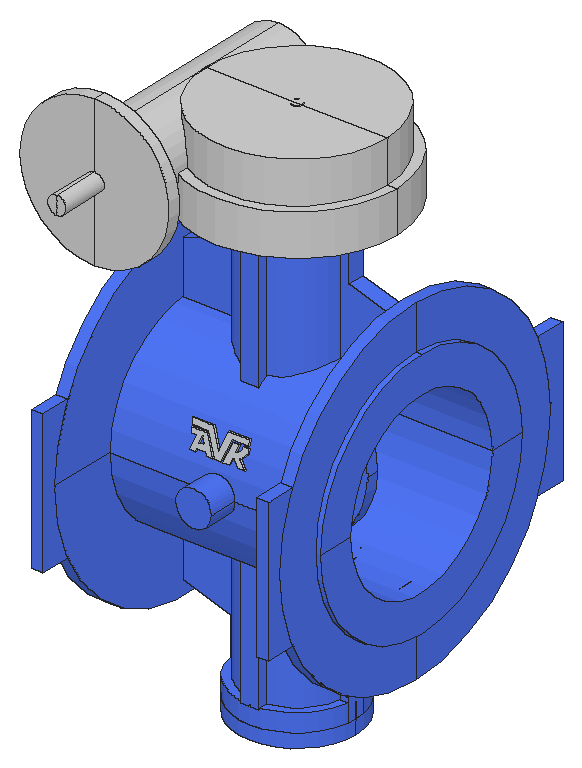
Revit family "756-102-152-DN150-600", category Pipe Accessories, Revit 2019
Family settings
  Round Connector Dimension = Use Diameter
  Part Type = Valve - Breaks Into
  Work Plane-Based = No
  Always vertical = Yes
  Cut with Voids When Loaded = No
  Shared = No
Parameters (values of type "DN150-PN10/16")
  offset = size_lookup(Search_table, "offset", 0.00 mm, DN)  # 3.00 mm
  GB_Width_3 = size_lookup(Search_table, "GB_Width", 0.00 mm, DN) / 2  # 85.00 mm
  Disc_Dia = size_lookup(Search_table, "Disc_Dia", 0.00 mm, DN)  # 133.00 mm
  Disc_width = if(DN > 599.00 mm, 40.00 mm, if(DN > 499.00 mm, 35.00 mm, if(DN > 399.00 mm, 30.00 mm, if(DN > 299.00 mm, 20.00 mm, if(DN > 199.00 mm, 15.00 mm, if(DN > 149.00 mm, 10.00 mm, 10.00 mm))))))  # 10.00 mm
  C_rod = if(DN > 599.00 mm, 39.00 mm, if(DN > 499.00 mm, 34.00 mm, if(DN > 399.00 mm, 29.00 mm, if(DN > 299.00 mm, 19.00 mm, if(DN > 199.00 mm, 14.00 mm, if(DN > 149.00 mm, 9.00 mm, 9.00 mm))))))  # 9.00 mm
  C = size_lookup(Search_table, "C", 0.00 mm, DN)  # 181.00 mm
  W5 = size_lookup(Search_table, "W5", 0.00 mm, DN)  # 158.00 mm
  W4 = size_lookup(Search_table, "W4", 0.00 mm, DN)  # 6.00 mm
  W3 = size_lookup(Search_table, "W3", 0.00 mm, DN)  # 6.00 mm
  W2 = size_lookup(Search_table, "W2", 0.00 mm, DN)  # 287.00 mm
  W1 = size_lookup(Search_table, "W1", 0.00 mm, DN)  # 155.00 mm
  URL_product_pages = "https://www.avkvalves.com/P.aspx?no=7560150114102"
  Rib_width_2 = Gear_box_Mount_Flange_width * 2  # 100.00 mm
  Rib_width = L - (Flange_Thickness * 2)  # 180.00 mm
  Rib_height_2 = H1 - Flange_OD  # 46.50 mm
  Rib_depth = if(DN > 149.00 mm, 15.00 mm, if(DN > 299.00 mm, 15.00 mm, if(DN > 399.00 mm, 20.00 mm, 20.00 mm)))  # 15.00 mm
  Rib_height = Flange_OD / 1.1  # 129.545 mm
  Rf_Dia = size_lookup(Search_table, "RF_Dia", 0.00 mm, DN) / 2  # 105.50 mm
  RF_Cut_Thickness = 5.00 mm  # constant formula
  Pin_width = L / 2  # 105.00 mm
  Pin_dia = 30.00 mm
  Pin_Depth = (DN + size_lookup(Search_table, "Flange_OD", 0.00 mm, DN)) / 2  # 217.50 mm
  L2 = size_lookup(Search_table, "L2", 0.00 mm, DN)  # 1.00 mm
  L1 = size_lookup(Search_table, "L1", 0.00 mm, DN)  # 1.00 mm
  L = size_lookup(Search_table, "L", 0.00 mm, DN)  # 210.00 mm
  ID (Radius) = DN / 2  # 75.00 mm
  H3 = size_lookup(Search_table, "H3", 0.00 mm, DN)  # 230.00 mm
  H2 = size_lookup(Search_table, "H2", 0.00 mm, DN)  # 201.00 mm
  H1 = B - GB_Dia  # 189.00 mm
  Gear_box_width = size_lookup(Search_table, "Gear_box_width", 0.00 mm, DN) / 2  # 33.50 mm
  Gear_box_depth = A - Body_wallthickness - 25.00 mm  # 83.00 mm
  GB_Width_2 = GB_Width_3 * 0.9  # 76.50 mm
  GB_Width = C - L / 2  # 76.00 mm
  GB_Flange = 5.00 mm  # constant formula
  GB_Dia = size_lookup(Search_table, "GB_Dia", 0.00 mm, DN) / 2  # 35.00 mm
  Flange_Thickness = size_lookup(Search_table, "Flange_Thickness", 0.00 mm, DN)  # 15.00 mm
  Flange_OD = size_lookup(Search_table, "Flange_OD", 0.00 mm, DN) / 2  # 142.50 mm
  Description_ = "AVK DOUBLE ECC. BUTTERFLY VALVE, LONG"
  DN = 150.00 mm
  Search_table = "756-102-152-DN150-600"
  Disc_2 = size_lookup(Search_table, "Disk_2", 0.00 mm, DN)  # 2.00 mm
  Disc_1 = size_lookup(Search_table, "Disk_1", 0.00 mm, DN)  # 2.00 mm
  DN600_PN16 = "756-0600-1-14102"
  DN600_PN10 = "756-0600-1-04102"
  DN500_PN16 = "756-0500-1-14102"
  DN500_PN10 = "756-0500-1-04102"
  DN450_PN16 = "756-0450-1-14102"
  DN450_PN10 = "756-0450-1-04102"
  DN400_PN16 = "756-0400-1-14102"
  DN400_PN10 = "756-0400-1-04102"
  DN350_PN16 = "756-0350-1-14102"
  DN350_PN10 = "756-0350-1-04102"
  DN300_PN16 = "756-0300-1-14102"
  DN300_PN10 = "756-0300-1-04102"
  DN250_PN16 = "756-0250-1-14102"
  DN250_PN10 = "756-0250-1-04102"
  DN200_PN16 = "756-0200-1-14102"
  DN200_PN10 = "756-0200-1-04102"
  DN150_PN10/16 = "756-0150-1-14102"
  D1 = size_lookup(Search_table, "D1", 0.00 mm, DN) / 2  # 7.50 mm
  Bottom_width = size_lookup(Search_table, "Bottom_width", 0.00 mm, DN)  # 120.00 mm
  Bottom_Depth = DN * 1.5  # 225.00 mm
  Gear_box_Mount_width = size_lookup(Search_table, "Gear_box_Mount_width", 0.00 mm, DN) * 2  # 43.00 mm
  Gear_box_Mount_Flange_width = size_lookup(Search_table, "Gear_box_Mount_Flange_width", 0.00 mm, DN) / 2  # 50.00 mm
  Body_wallthickness = 10.00 mm  # constant formula
  B = size_lookup(Search_table, "B", 0.00 mm, DN)  # 224.00 mm
  A = size_lookup(Search_table, "A", 0.00 mm, DN)  # 118.00 mm
Types (18, lengths in mm): name | offset | GB_Width_3 | Disc_Dia | Disc_width | C_rod | C | W5 | W4 | W3 | W2 | W1 | Rib_width_2 | Rib_width | Rib_height_2 | Rib_height | Rf_Dia | Pin_width | Pin_Depth | L2 | L1 | L | ID (Radius) | H3 | H2 | H1 | Gear_box_width | Gear_box_depth | GB_Width_2 | GB_Width | GB_Dia | Flange_Thickness | Flange_OD | DN | Disc_2 | Disc_1 | D1 | Bottom_width | Bottom_Depth | Gear_box_Mount_width | Gear_box_Mount_Flange_width | B | A
  (no name) | 3.00 | 85.00 | 133.00 | 10.00 | 9.00 | 181.00 | 158.00 | 6.00 | 6.00 | 287.00 | 155.00 | 100.00 | 180.00 | 46.50 | 129.545 | 105.50 | 105.00 | 217.50 | 1.00 | 1.00 | 210.00 | 75.00 | 230.00 | 201.00 | 189.00 | 33.50 | 83.00 | 76.50 | 76.00 | 35.00 | 15.00 | 142.50 | 150.00 | 2.00 | 2.00 | 7.50 | 120.00 | 225.00 | 43.00 | 50.00 | 224.00 | 118.00
  DN150-PN10/16 | 3.00 | 85.00 | 133.00 | 10.00 | 9.00 | 181.00 | 158.00 | 6.00 | 6.00 | 287.00 | 155.00 | 100.00 | 180.00 | 46.50 | 129.545 | 105.50 | 105.00 | 217.50 | 1.00 | 1.00 | 210.00 | 75.00 | 230.00 | 201.00 | 189.00 | 33.50 | 83.00 | 76.50 | 76.00 | 35.00 | 15.00 | 142.50 | 150.00 | 2.00 | 2.00 | 7.50 | 120.00 | 225.00 | 43.00 | 50.00 | 224.00 | 118.00
  DN200_PN10 | 5.00 | 85.00 | 180.00 | 15.00 | 14.00 | 191.00 | 158.00 | 6.00 | 6.00 | 308.00 | 182.00 | 100.00 | 200.00 | 40.00 | 154.545 | 133.00 | 115.00 | 270.05 | 1.00 | 1.00 | 230.00 | 100.05 | 240.00 | 227.00 | 210.00 | 19.50 | 83.00 | 76.50 | 76.00 | 35.00 | 15.00 | 170.00 | 200.10 | 2.00 | 2.00 | 7.50 | 140.00 | 300.15 | 43.00 | 50.00 | 245.00 | 118.00
  DN200_PN16 | 5.00 | 85.00 | 180.00 | 15.00 | 14.00 | 191.00 | 158.00 | 6.00 | 6.00 | 308.00 | 182.00 | 100.00 | 200.00 | 40.00 | 154.545 | 133.00 | 115.00 | 270.08 | 1.00 | 1.00 | 230.00 | 100.08 | 250.00 | 227.00 | 210.00 | 28.50 | 83.00 | 76.50 | 76.00 | 35.00 | 15.00 | 170.00 | 200.16 | 2.00 | 2.00 | 7.50 | 140.00 | 300.24 | 43.00 | 50.00 | 245.00 | 118.00
  DN250_PN10 | 5.00 | 85.00 | 227.00 | 15.00 | 14.00 | 201.00 | 158.00 | 6.00 | 6.00 | 342.00 | 215.00 | 90.00 | 220.00 | 41.50 | 184.091 | 159.50 | 125.00 | 327.55 | 1.00 | 1.00 | 250.00 | 125.05 | 260.00 | 261.00 | 244.00 | 19.50 | 83.00 | 76.50 | 76.00 | 35.00 | 15.00 | 202.50 | 250.10 | 2.00 | 2.00 | 7.50 | 170.00 | 375.15 | 37.00 | 45.00 | 279.00 | 118.00
  DN250_PN16 | 5.00 | 85.00 | 227.00 | 15.00 | 14.00 | 201.00 | 158.00 | 6.00 | 6.00 | 342.00 | 215.00 | 90.00 | 220.00 | 41.50 | 184.091 | 159.50 | 125.00 | 327.58 | 1.00 | 1.00 | 250.00 | 125.08 | 270.00 | 261.00 | 244.00 | 19.50 | 83.00 | 76.50 | 76.00 | 35.00 | 15.00 | 202.50 | 250.16 | 2.00 | 2.00 | 7.50 | 170.00 | 375.24 | 37.00 | 45.00 | 279.00 | 118.00
  DN300_PN10 | 6.00 | 85.00 | 282.17 | 20.00 | 19.00 | 211.00 | 182.00 | 104.00 | 6.00 | 373.00 | 242.00 | 110.00 | 230.00 | 44.00 | 209.091 | 185.00 | 135.00 | 380.05 | 12.00 | 1.00 | 270.00 | 150.05 | 280.00 | 292.00 | 274.00 | 27.50 | 83.00 | 76.50 | 76.00 | 35.00 | 20.00 | 230.00 | 300.10 | 20.00 | 3.00 | 7.50 | 210.00 | 450.15 | 45.00 | 55.00 | 309.00 | 118.00
  DN300_PN16 | 6.00 | 115.00 | 282.17 | 20.00 | 19.00 | 237.00 | 182.00 | 104.00 | 6.00 | 373.00 | 242.00 | 110.00 | 230.00 | 49.00 | 209.091 | 185.00 | 135.00 | 380.08 | 12.00 | 1.00 | 270.00 | 150.08 | 290.00 | 292.00 | 279.00 | 32.50 | 107.00 | 103.50 | 102.00 | 35.00 | 20.00 | 230.00 | 300.16 | 20.00 | 3.00 | 8.50 | 210.00 | 450.24 | 45.00 | 55.00 | 314.00 | 142.00
  DN350_PN10 | 3.00 | 85.00 | 334.00 | 20.00 | 19.00 | 221.00 | 158.00 | 173.00 | 151.00 | 398.00 | 272.00 | 120.00 | 250.00 | 40.00 | 236.364 | 214.50 | 145.00 | 435.05 | 26.00 | 20.00 | 290.00 | 175.05 | 300.00 | 318.00 | 300.00 | 27.00 | 83.00 | 76.50 | 76.00 | 35.00 | 20.00 | 260.00 | 350.10 | 20.00 | 20.00 | 7.50 | 210.00 | 525.15 | 50.00 | 60.00 | 335.00 | 118.00
  DN350_PN16 | 3.00 | 85.00 | 334.00 | 20.00 | 19.00 | 247.00 | 182.00 | 173.00 | 151.00 | 398.00 | 272.00 | 120.00 | 250.00 | 45.00 | 236.364 | 214.50 | 145.00 | 435.08 | 26.00 | 20.00 | 290.00 | 175.08 | 310.00 | 318.00 | 305.00 | 32.00 | 107.00 | 76.50 | 102.00 | 35.00 | 20.00 | 260.00 | 350.16 | 20.00 | 20.00 | 8.50 | 210.00 | 525.24 | 50.00 | 60.00 | 340.00 | 142.00
  DN400_PN10 | 3.00 | 85.00 | 383.00 | 30.00 | 29.00 | 257.00 | 182.00 | 232.00 | 215.00 | 434.00 | 302.00 | 110.00 | 270.00 | 43.50 | 263.636 | 240.00 | 155.00 | 490.05 | 41.00 | 35.00 | 310.00 | 200.05 | 320.00 | 349.00 | 333.50 | 32.00 | 107.00 | 76.50 | 102.00 | 37.50 | 20.00 | 290.00 | 400.10 | 20.00 | 20.00 | 8.50 | 260.00 | 600.15 | 45.00 | 55.00 | 371.00 | 142.00
  DN400_PN16 | 3.00 | 85.00 | 383.00 | 30.00 | 29.00 | 257.00 | 182.00 | 232.00 | 215.00 | 434.00 | 302.00 | 110.00 | 270.00 | 43.50 | 263.636 | 240.00 | 155.00 | 490.08 | 41.00 | 35.00 | 310.00 | 200.08 | 330.00 | 349.00 | 333.50 | 32.00 | 107.00 | 76.50 | 102.00 | 37.50 | 20.00 | 290.00 | 400.16 | 20.00 | 20.00 | 8.50 | 260.00 | 600.24 | 45.00 | 55.00 | 371.00 | 142.00
  DN450_PN10 | 3.00 | 109.00 | 430.00 | 30.00 | 29.00 | 267.00 | 182.00 | 284.00 | 267.00 | 471.00 | 332.00 | 135.00 | 270.00 | 50.50 | 290.909 | 265.00 | 165.00 | 545.05 | 55.00 | 48.00 | 330.00 | 225.05 | 340.00 | 390.00 | 370.50 | 28.00 | 107.00 | 98.10 | 102.00 | 37.50 | 30.00 | 320.00 | 450.10 | 20.00 | 20.00 | 8.50 | 280.00 | 675.15 | 58.00 | 67.50 | 408.00 | 142.00
  DN450_PN16 | 3.00 | 109.00 | 430.00 | 30.00 | 29.00 | 301.00 | 236.00 | 284.00 | 267.00 | 471.00 | 332.00 | 135.00 | 270.00 | 65.50 | 290.909 | 265.00 | 165.00 | 545.08 | 55.00 | 48.00 | 330.00 | 225.08 | 350.00 | 390.00 | 385.50 | 43.00 | 151.00 | 98.10 | 136.00 | 37.50 | 30.00 | 320.00 | 450.16 | 20.00 | 20.00 | 12.50 | 280.00 | 675.24 | 58.00 | 67.50 | 423.00 | 186.00
  DN500_PN10 | 3.00 | 109.00 | 480.61 | 35.00 | 34.00 | 277.00 | 182.00 | 335.00 | 322.00 | 499.00 | 338.00 | 135.00 | 290.00 | 62.00 | 304.545 | 291.00 | 175.00 | 585.05 | 69.00 | 63.00 | 350.00 | 250.05 | 360.00 | 418.00 | 397.00 | 19.00 | 107.00 | 98.10 | 102.00 | 39.00 | 30.00 | 335.00 | 500.10 | 20.00 | 20.00 | 8.50 | 320.00 | 750.15 | 58.00 | 67.50 | 436.00 | 142.00
  DN500_PN16 | 3.00 | 109.00 | 480.61 | 35.00 | 34.00 | 311.00 | 236.00 | 335.00 | 322.00 | 550.00 | 370.00 | 135.00 | 290.00 | 86.00 | 304.545 | 291.00 | 175.00 | 585.08 | 69.00 | 63.00 | 350.00 | 250.08 | 370.00 | 427.00 | 421.00 | 43.00 | 151.00 | 98.10 | 136.00 | 39.00 | 30.00 | 335.00 | 500.16 | 20.00 | 20.00 | 12.50 | 320.00 | 750.24 | 58.00 | 67.50 | 460.00 | 186.00
  DN600_PN10 | 3.00 | 120.00 | 582.00 | 40.00 | 39.00 | 331.00 | 236.00 | 437.00 | 426.00 | 600.00 | 393.00 | 155.00 | 330.00 | 81.00 | 354.545 | 341.00 | 195.00 | 690.05 | 100.00 | 94.00 | 390.00 | 300.05 | 380.00 | 481.00 | 471.00 | 28.00 | 151.00 | 108.00 | 136.00 | 39.00 | 30.00 | 390.00 | 600.10 | 20.00 | 20.00 | 12.50 | 400.00 | 900.15 | 62.50 | 77.50 | 510.00 | 186.00
  DN600_PN16 | 3.00 | 120.00 | 582.00 | 40.00 | 39.00 | 267.00 | 364.00 | 437.00 | 426.00 | 627.00 | 435.00 | 155.00 | 330.00 | 103.00 | 354.545 | 341.00 | 195.00 | 690.08 | 100.00 | 94.00 | 390.00 | 300.08 | 390.00 | 503.00 | 493.00 | 39.00 | 278.00 | 108.00 | 72.00 | 39.00 | 30.00 | 390.00 | 600.16 | 20.00 | 20.00 | 10.00 | 400.00 | 900.24 | 62.50 | 77.50 | 532.00 | 313.00
Reference planes
  plane 1 "Center (Front/Back)": y = 0
  plane 2: z = 0
  plane 3 "Center (Left/Right)": x = 0
  plane 4: y = 75
  plane 5: y = 85
  plane 6: x = 105
  plane 7: x = 90
  plane 8: x = -90
  plane 9: x = -105
  plane 10: z = 189
  plane 11: x = 50
  plane 12: z = 174
  plane 13: z = -189
  plane 14: x = 50
  plane 15: z = -174
  plane 16: x = 43
  plane 17: x = 50
  plane 18: x = -50
  plane 19: z = 189
  plane 20: z = 142.5
  plane 21: z = 75
  plane 22: x = 90
  plane 23: x = -90
  plane 24: z = 129.545
  plane 25: y = 7.5
  plane 26: y = -7.5
  plane 27: x = 50
  plane 28: x = -50
  plane 29: z = -189
  plane 30: z = -142.5
  plane 31: z = -75
  plane 32: x = 90
  plane 33: x = -90
  plane 34: z = -129.545
  plane 35: y = 50
  plane 36: y = -50
  plane 37: x = -7.5
  plane 38: x = 7.5
  plane 39: z = 60
  plane 40: z = -60
  plane 41: y = -155
  plane 42: y = 155
  plane 43: y = -158
  plane 44: z = -201
  plane 45: x = 43
  plane 46: y = 75
  plane 47: y = -75
  plane 48: y = 108.75
  plane 49: y = -108.75
  plane 50: z = 287
  plane 51: z = 224
  plane 52: y = -118
  plane 53: x = -76
  plane 54: z = 259
  plane 55: x = -71
  plane 56: x = -81
  plane 57: z = 229
  plane 58: z = 219
  plane 59: x = -41
  plane 60: x = -111
  plane 61: z = 189
  plane 62: y = -17.5
  plane 63: y = 17.5
  plane 64: z = 3
  plane 65: z = 3
  plane 66: z = -3
  plane 67: z = -3
  plane 68: x = -5
  plane 69: x = 5
  plane 70: y = 5
  plane 71: y = -5
Forms (mm)
  Revolve 1, solid, material "Plastic"
    sketch origin (0, 0, 0) x (1, 0, 0) y (0, 1, 0)
      loop
        line (-90, 85) -> (-90, 142.5) -> (-105, 142.5) -> (-105, 75) -> (105, 75) -> (105, 142.5) -> (90, 142.5) -> (90, 85) -> (-90, 85)
      axis (-105, 0) -> (105, 0)
    angle from 0 to 360
  Revolve 2, solid, material "Plastic"
    sketch origin (0, 0, 0) x (1, 0, 0) y (0, 0, 1)
      loop
        line (43, 174) -> (50, 174) -> (50, 189) -> (0, 189) -> (0, 75) -> (43, 75) -> (43, 174)
      axis (0, 189) -> (0, 75)
    angle from 0 to 360
  Revolve 3, solid, material "Plastic"
    sketch origin (0, 0, 0) x (1, 0, 0) y (0, 0, -1)
      loop
        line (43, 75) -> (43, 174) -> (50, 174) -> (50, 189) -> (0, 189) -> (0, 75) -> (43, 75)
      axis (0, 189) -> (0, 75)
    angle from 0 to 360
  Revolve 4, solid, material "Plastic"
    sketch origin (0, 0, 0) x (1, 0, 0) y (0, 0, 1)
      loop
        line (0, -189) -> (0, -201) -> (50, -201) -> (50, -189) -> (0, -189)
      axis (0, -201) -> (0, -189)
    angle from 0 to 360
  Extrusion 5, solid, material "Plastic"
    sketch origin (0, 0, 0) x (1, 0, 0) y (0, 0, 1)
      loop
        line (50, 189) -> (-50, 189) -> (-50, 142.5) -> (-90, 129.545) -> (-90, 75) -> (90, 75) -> (90, 129.545) -> (50, 142.5) -> (50, 189)
    from -7.5 to 7.5
  Extrusion 6, solid, material "Plastic"
    sketch origin (0, 0, 0) x (1, 0, 0) y (0, 0, 1)
      loop
        line (50, -189) -> (50, -142.5) -> (90, -129.545) -> (90, -75) -> (-90, -75) -> (-90, -129.545) -> (-50, -142.5) -> (-50, -189) -> (50, -189)
    from -7.5 to 7.5
  Extrusion 7, solid, material "Plastic"
    sketch origin (0, 0, 0) x (0, 1, 0) y (0, 0, 1)
      loop
        line (50, 174) -> (-50, 174) -> (-50, -175.5) -> (50, -175.5) -> (50, 174)
    from -7.5 to 7.5
  Extrusion 8, solid, material "Plastic"
    sketch origin (0, 0, 0) x (0, 1, 0) y (0, 0, 1)
      loop
        line (155, -60) -> (155, 60) -> (129.253, 60)
        arc (129.253, 60) -> (139.149, 30.723) -> (142.5, 0) r 142.5
        arc (142.5, 0) -> (139.149, -30.723) -> (129.253, -60) r 142.5
        line (129.253, -60) -> (155, -60)
      loop
        line (-155, 60) -> (-155, -60) -> (-129.253, -60)
        arc (-129.253, -60) -> (-139.149, -30.723) -> (-142.5, 0) r 142.5
        arc (-142.5, 0) -> (-139.149, 30.723) -> (-129.253, 60) r 142.5
        line (-129.253, 60) -> (-155, 60)
    from 90 to 105
  Extrusion 9, void
    sketch origin (0, 0, 0) x (0, 1, 0) y (0, 0, 1)
      loop
        circle (0, 0) r 75
    from -105 to 105
  Extrusion 10, solid, material "Plastic"
    sketch origin (0, 0, 0) x (0, 1, 0) y (0, 0, -1)
      loop
        line (-155, -60) -> (-129.253, -60)
        arc (-129.253, -60) -> (-139.149, -30.723) -> (-142.5, 0) r 142.5
        arc (-142.5, 0) -> (-139.149, 30.723) -> (-129.253, 60) r 142.5
        line (-129.253, 60) -> (-155, 60) -> (-155, -60)
      loop
        line (155, 60) -> (129.253, 60)
        arc (129.253, 60) -> (139.149, 30.723) -> (142.5, 0) r 142.5
        arc (142.5, 0) -> (139.149, -30.723) -> (129.253, -60) r 142.5
        line (129.253, -60) -> (155, -60) -> (155, 60)
    from 90 to 105
  Extrusion 11, solid, material "Plastic"
    sketch origin (0, 0, 0) x (1, 0, 0) y (0, 0, 1)
      loop
        circle (0, 0) r 15
    from -108.75 to -75
  Extrusion 12, solid, material "Plastic"
    sketch origin (0, 0, 0) x (1, 0, 0) y (0, 0, 1)
      loop
        circle (0, 0) r 15
    from 108.75 to 75
  Revolve 13, void
    sketch origin (0, 0, 0) x (1, 0, 0) y (0, 0, 1)
      loop
        line (105, 201) -> (100, 201) -> (100, 105.5) -> (105, 105.5) -> (105, 201)
      loop
        line (-105, 201) -> (-105, 105.5) -> (-100, 105.5) -> (-100, 201) -> (-105, 201)
      axis (-105, 0) -> (105, 0)
    angle from 0 to 360
  Extrusion 14, solid, material "Stainless Steel AISI 304"
    sketch origin (0, 0, 0) x (1, 0, 0) y (0, 0, 1)
      loop
        line (-81, 259) -> (-81, 229) -> (-111, 229) -> (-111, 219) -> (-81, 219) -> (-81, 189) -> (-71, 189) -> (-71, 219) -> (-41, 219) -> (-41, 229) -> (-71, 229) -> (-71, 259) -> (-81, 259)
    from 83 to 108
  Revolve 15, solid, material "Stainless Steel AISI 304"
    sketch origin (0, 0, 0) x (1, 0, 0) y (0, 0, 1)
      loop
        line (0, 189) -> (85, 189) -> (85, 224) -> (0, 224) -> (0, 189)
      axis (0, 189) -> (0, 224)
    angle from 0 to 360
  Revolve 16, solid, material "Stainless Steel AISI 304"
    sketch origin (0, 0, 0) x (1, 0, 0) y (0, 0, 1)
      loop
        line (0, 224) -> (76.5, 224) -> (76.5, 259) -> (0, 259) -> (0, 224)
      axis (0, 224) -> (0, 259)
    angle from 0 to 360
  Revolve 17, solid, material "Stainless Steel AISI 304"
    sketch origin (-76, -1524, 167.638) x (0, 0, -1) y (0, -1, 0)
      loop
        line (-119.362, -1416) -> (-56.362, -1416) -> (-56.362, -1406) -> (-119.362, -1406) -> (-119.362, -1416)
      axis (-56.362, -1416) -> (-56.362, -1406)
    angle from 0 to 360
  Revolve 18, solid, material "Stainless Steel AISI 304"
    sketch origin (-76, -1524, 167.638) x (0, 0, -1) y (0, -1, 0)
      loop
        line (-56.362, -1600) -> (-21.362, -1600) -> (-21.362, -1441) -> (-56.362, -1441) -> (-56.362, -1600)
      axis (-56.362, -1600) -> (-56.362, -1441)
    angle from 0 to 360
  Extrusion 19, solid, material "Plastic"
    sketch origin (0, 0, 0) x (1, 0, 0) y (0, 0, 1)
      loop
        circle (-3, 0) r 66.5
    from -5 to 5
  Extrusion 20, solid
    sketch origin (0, 0, 0) x (1, 0, 0) y (0, 1, 0)
      loop
        circle (0, 0) r 4.5
    from -201 to 259
  Revolve 21, solid, material "Stainless Steel AISI 304"
    sketch origin (-76, -1524, 167.638) x (0, 0, -1) y (0, -1, 0)
      loop
        line (-56.362, -1406) -> (-56.362, -1366) -> (-63.862, -1366) -> (-63.862, -1406) -> (-56.362, -1406)
      axis (-56.362, -1406) -> (-56.362, -1366)
    angle from 0 to 360
Cuts and joins
  Extrusion 9, Revolve 13 cuts Revolve 1
  Extrusion 9 cuts Extrusion 7
  Extrusion 9, Revolve 13 cuts Extrusion 8
  Revolve 13 cuts Extrusion 10
Dimensions and locks
  equal spacing: plane 9, plane 3 "Center (Left/Right)", plane 6
  "L": plane 9 to plane 6
  "ID (Radius)": plane 4 to plane 1 "Center (Front/Back)"
  "Body_wallthickness": plane 5 to plane 4
  "Flange_Thickness": plane 7 to plane 6
  "Flange_Thickness": plane 9 to plane 8
  "Flange_OD": plane 1 "Center (Front/Back)" to Revolve 1 sketch curve
  "Flange_Thickness": plane 10 to plane 12
  "ID (Radius)": Revolve 2 sketch curve to level
  "Gear_box_Mount_Flange_width": plane 3 "Center (Left/Right)" to plane 11
  "Flange_Thickness": plane 13 to plane 15
  "H1": level to plane 13
  "ID (Radius)": level to Revolve 3 sketch curve
  "Gear_box_Mount_Flange_width": Revolve 4 sketch curve to Revolve 4 sketch curve
  "ID (Radius)": plane 21 to level
  "H1": plane 19 to level
  "Gear_box_Mount_Flange_width": plane 3 "Center (Left/Right)" to plane 17
  "Gear_box_Mount_Flange_width": plane 18 to plane 3 "Center (Left/Right)"
  "Rib_height": plane 24 to level
  equal spacing: plane 25, plane 1 "Center (Front/Back)", plane 26
  "Rib_depth": plane 25 to plane 26
  equal spacing: plane 22, plane 3 "Center (Left/Right)", plane 23
  "Rib_width": plane 22 to plane 23
  "Rib_height_2": plane 19 to plane 20
  "Rib_height_2": plane 29 to plane 30
  "Rib_height": level to plane 34
  "Gear_box_Mount_Flange_width": plane 28 to plane 3 "Center (Left/Right)"
  "Gear_box_Mount_Flange_width": plane 3 "Center (Left/Right)" to plane 27
  "ID (Radius)": level to plane 31
  "H1": level to plane 29
  equal spacing: plane 32, plane 3 "Center (Left/Right)", plane 33
  "Rib_width": plane 32 to plane 33
  equal spacing: plane 35, plane 1 "Center (Front/Back)", plane 36
  equal spacing: plane 37, plane 3 "Center (Left/Right)", plane 38
  "Rib_depth": plane 37 to plane 38
  equal spacing: plane 42, plane 1 "Center (Front/Back)", plane 41
  "W1": plane 1 "Center (Front/Back)" to plane 41
  "W1": plane 42 to plane 1 "Center (Front/Back)"
  "Bottom_width": plane 39 to plane 40
  equal spacing: plane 39, level, plane 40
  "Rib_width_2": plane 35 to plane 36
  "W5": plane 1 "Center (Front/Back)" to plane 43
  "H2": level to Revolve 4 sketch curve
  "H2": level to plane 44
  "W1": plane 1 "Center (Front/Back)" to Extrusion 10
  "Gear_box_Mount_width": plane 45 to plane 3 "Center (Left/Right)"
  "Gear_box_Mount_width": plane 3 "Center (Left/Right)" to plane 16
  "Gear_box_Mount_Flange_width": plane 3 "Center (Left/Right)" to plane 14
  "Pin_width": cut or joined group of Extrusion 8, Extrusion 9, Revolve 13 to Extrusion 11 sketch curve
  "H2": Extrusion 11 sketch curve to Revolve 4
  equal spacing: plane 46, plane 1 "Center (Front/Back)", plane 47
  "DN": plane 46 to plane 47
  equal spacing: plane 48, plane 1 "Center (Front/Back)", plane 49
  "Pin_Depth": plane 48 to plane 49
  "Rf_Dia": Revolve 13 sketch curve to level
  "RF_Cut_Thickness": Revolve 13 sketch curve to Revolve 13 sketch curve  (x2)
  "H2": Revolve 13 sketch curve to level
  "W2": plane 50 to level
  "H1": plane 10 to level
  "B": plane 51 to level
  "A": plane 1 "Center (Front/Back)" to plane 52
  "GB_Width_3": Revolve 15 sketch curve to Revolve 15 sketch curve
  "GB_Width_2": Revolve 16 sketch curve to plane 3 "Center (Left/Right)"
  equal spacing: Revolve 16 sketch curve, plane 51, Revolve 15
  "GB_Width": plane 3 "Center (Left/Right)" to plane 53
  "Body_wallthickness": Revolve 17 sketch curve to Revolve 17 sketch curve
  equal spacing: plane 55, plane 53, plane 56
  equal spacing: plane 59, plane 53, plane 60
  equal spacing: plane 57, plane 51, plane 58
  "Body_wallthickness": plane 57 to plane 58
  equal spacing: plane 54, plane 51, plane 61
  "Body_wallthickness": plane 55 to plane 56
  "GB_Dia": plane 53 to plane 60
  "GB_Dia": plane 54 to plane 51
  "Gear_box_depth": plane 1 "Center (Front/Back)" to Revolve 18 sketch curve
  "GB_Width": Revolve 18 sketch curve to plane 1 "Center (Front/Back)"
  cut or joined group of Revolve 1, Extrusion 9, Revolve 13 to cut or joined group of Revolve 1, Extrusion 9, Revolve 13 = 210.00 mm
  "C": plane 53 to cut or joined group of Revolve 1, Extrusion 9, Revolve 13
  "offset": nested 1 to Extrusion 19 sketch curve
  cut or joined group of Revolve 1, Extrusion 9, Revolve 13 to Extrusion 19 = 35.50 mm
  Extrusion 19 to cut or joined group of Revolve 1, Extrusion 9, Revolve 13 = 41.50 mm
  equal spacing: cut or joined group of Revolve 1, Extrusion 9, Revolve 13, Extrusion 20 sketch curve, cut or joined group of Revolve 1, Extrusion 9, Revolve 13
  equal spacing: plane 47, Extrusion 20 sketch curve, plane 46
  "W4": plane 64 to plane 66
  "W3": plane 65 to plane 67
  equal spacing: plane 69, plane 3 "Center (Left/Right)", plane 68
  "Disc_width": plane 69 to plane 68
  equal spacing: plane 70, plane 1 "Center (Front/Back)", plane 71
  "Disc_width": plane 70 to plane 71
  "D1": Revolve 21 sketch curve to plane 51
  plane 1 "Center (Front/Back)" to cut or joined group of Extrusion 10, Revolve 13 = 155.00 mm
  equal spacing: plane 64, level, plane 66
  equal spacing: plane 65, level, plane 67
  "Pin_dia": diameter of Extrusion 11 sketch curve
  "Disc_Dia": diameter of Extrusion 19 sketch curve
  "C_rod": diameter of Extrusion 20 sketch curve
  aligned and locked: level to plane 2
  aligned and locked: plane 4 to Revolve 1 sketch curve
  aligned and locked: plane 5 to Revolve 1 sketch curve
  aligned and locked: Revolve 1 sketch curve to plane 6
  aligned and locked: plane 7 to Revolve 1 sketch curve
  aligned and locked: Revolve 1 sketch curve to plane 8
  aligned and locked: plane 9 to Revolve 1 sketch curve
  aligned and locked: Revolve 1 sketch curve to Revolve 1 sketch curve
  aligned and locked: plane 1 "Center (Front/Back)" to Revolve 1 sketch curve
  aligned and locked: Revolve 2 sketch curve to Revolve 2 sketch curve
  aligned and locked: plane 10 to Revolve 2 sketch curve
  aligned and locked: plane 11 to Revolve 2 sketch curve  (x2)
  aligned and locked: plane 12 to Revolve 2 sketch curve
  aligned and locked: Revolve 2 sketch curve to plane 3 "Center (Left/Right)"
  aligned and locked: Revolve 3 sketch curve to plane 14
  aligned and locked: plane 13 to Revolve 3 sketch curve
  aligned and locked: Revolve 4 sketch curve to Revolve 3
  aligned and locked: plane 3 "Center (Left/Right)" to Revolve 4 sketch curve  (x2)
  aligned and locked: plane 17 to Extrusion 5 sketch curve  (x2)
  aligned and locked: plane 19 to Extrusion 5 sketch curve  (x2)
  aligned and locked: plane 18 to Extrusion 5 sketch curve  (x2)
  aligned and locked: plane 20 to Extrusion 5 sketch curve  (x2)
  aligned and locked: plane 24 to Extrusion 5 sketch curve  (x2)
  aligned and locked: plane 22 to Extrusion 5 sketch curve
  aligned and locked: plane 23 to Extrusion 5 sketch curve
  aligned and locked: Extrusion 5 sketch curve to plane 23
  aligned and locked: plane 21 to Extrusion 5 sketch curve
  aligned and locked: Extrusion 5 sketch curve to plane 22
  aligned and locked: plane 25 to Extrusion 5
  aligned and locked: Extrusion 5 to plane 26
  aligned and locked: Extrusion 6 sketch curve to plane 27
  aligned and locked: plane 27 to Extrusion 6 sketch curve
  aligned and locked: Extrusion 6 sketch curve to plane 32  (x2)
  aligned and locked: Extrusion 6 sketch curve to plane 33  (x2)
  aligned and locked: Extrusion 6 sketch curve to plane 31
  aligned and locked: plane 31 to Extrusion 6 sketch curve
  aligned and locked: plane 34 to Extrusion 6 sketch curve  (x2)
  aligned and locked: Extrusion 6 sketch curve to plane 28
  aligned and locked: plane 30 to Extrusion 6 sketch curve  (x2)
  aligned and locked: plane 29 to Extrusion 6 sketch curve  (x2)
  aligned and locked: plane 28 to Extrusion 6 sketch curve
  aligned and locked: plane 35 to Extrusion 7 sketch curve
  aligned and locked: plane 36 to Extrusion 7 sketch curve
  aligned and locked: Extrusion 7 sketch curve to Revolve 2
  aligned and locked: plane 39 to Extrusion 8 sketch curve  (x4)
  aligned and locked: Extrusion 8 to Revolve 1  (x2)
  aligned and locked: Extrusion 9 sketch curve to Revolve 1  (x2)
  aligned and locked: plane 41 to Extrusion 8 sketch curve  (x2)
  aligned and locked: plane 40 to Extrusion 8 sketch curve  (x2)
  aligned and locked: plane 42 to Extrusion 8 sketch curve  (x2)
  aligned and locked: Extrusion 8 sketch curve to cut or joined group of Revolve 1, Extrusion 9, Revolve 13  (x4)
  aligned and locked: Extrusion 10 sketch curve to cut or joined group of Extrusion 8, Extrusion 9, Revolve 13  (x6)
  aligned and locked: Extrusion 10 sketch curve to cut or joined group of Revolve 1, Extrusion 9, Revolve 13  (x3)
  aligned and locked: Extrusion 10 to Extrusion 5
  aligned and locked: Extrusion 10 to cut or joined group of Revolve 1, Extrusion 9, Revolve 13
  aligned and locked: plane 3 "Center (Left/Right)" to nested 1
  aligned and locked: plane 45 to Revolve 2 sketch curve  (x2)
  aligned and locked: plane 16 to Revolve 3 sketch curve
  aligned and locked: plane 15 to Revolve 3 sketch curve  (x2)
  aligned and locked: Revolve 3 sketch curve to plane 3 "Center (Left/Right)"
  aligned and locked: plane 3 "Center (Left/Right)" to Revolve 3 sketch curve
  aligned and locked: Revolve 3 sketch curve to Revolve 3 sketch curve
  aligned and locked: plane 14 to Revolve 3 sketch curve
  aligned and locked: Extrusion 11 to plane 46
  aligned and locked: Extrusion 12 sketch curve to Extrusion 11  (x2)
  aligned and locked: plane 47 to Extrusion 12
  aligned and locked: Extrusion 11 to plane 48
  aligned and locked: plane 49 to Extrusion 12
  aligned and locked: Revolve 13 sketch curve to cut or joined group of Revolve 1, Extrusion 9, Revolve 13  (x2)
  aligned and locked: Revolve 13 sketch curve to Revolve 13 sketch curve  (x2)
  aligned and locked: Revolve 13 sketch curve to plane 2
  aligned and locked: Extrusion 9 to Revolve 1  (x2)
  aligned and locked: plane 51 to Revolve 15 sketch curve
  aligned and locked: plane 3 "Center (Left/Right)" to Revolve 15 sketch curve
  aligned and locked: Revolve 16 sketch curve to plane 3 "Center (Left/Right)"
  aligned and locked: Revolve 16 sketch curve to Revolve 15
  aligned and locked: Revolve 16 sketch curve to Revolve 16 sketch curve
  aligned and locked: Revolve 17 sketch curve to plane 50
  aligned and locked: plane 52 to Revolve 17 sketch curve
  aligned and locked: plane 51 to Revolve 17 sketch curve
  aligned and locked: Revolve 17 sketch curve to Revolve 17 sketch curve
  aligned and locked: Revolve 18 sketch curve to Revolve 15
  aligned and locked: Revolve 18 sketch curve to Revolve 18 sketch curve
  aligned and locked: plane 56 to Extrusion 14 sketch curve  (x4)
  aligned and locked: plane 54 to Extrusion 14 sketch curve  (x2)
  aligned and locked: plane 55 to Extrusion 14 sketch curve  (x4)
  aligned and locked: plane 57 to Extrusion 14 sketch curve  (x3)
  aligned and locked: Extrusion 14 sketch curve to plane 57
  aligned and locked: plane 59 to Extrusion 14 sketch curve  (x2)
  aligned and locked: Extrusion 14 sketch curve to plane 58
  aligned and locked: plane 58 to Extrusion 14 sketch curve  (x3)
  aligned and locked: Extrusion 14 sketch curve to plane 61
  aligned and locked: plane 61 to Extrusion 14 sketch curve
  aligned and locked: plane 60 to Extrusion 14 sketch curve  (x2)
  aligned and locked: Extrusion 14 to Revolve 18
  aligned and locked: Extrusion 14 to Revolve 17
  aligned and locked: Revolve 18 sketch curve to Revolve 2
  aligned and locked: Revolve 15 sketch curve to Revolve 2
  aligned and locked: Extrusion 20 to Extrusion 14
  aligned and locked: Extrusion 20 to Revolve 4
  aligned and locked: Extrusion 19 to plane 70
  aligned and locked: Extrusion 19 to plane 71
  aligned and locked: cut or joined group of Extrusion 7, Extrusion 9 to plane 38
  aligned and locked: plane 37 to cut or joined group of Extrusion 7, Extrusion 9
  aligned and locked: Revolve 21 sketch curve to plane 51
  aligned and locked: Revolve 17 to Revolve 21 sketch curve
  aligned and locked: plane 43 to Revolve 21 sketch curve
  aligned and locked: Revolve 21 sketch curve to Revolve 21 sketch curve
Automatic sketch dimensions
  Extrusion 10 sketch curve to Extrusion 10 sketch curve = 0.00 mm
  Revolve 1 sketch curve to plane 8 = 30.00 mm
  Revolve 1 sketch curve to plane 38 = 19.183 mm
  Revolve 4 sketch curve to Revolve 4 sketch curve = 60.00 mm
  Revolve 4 sketch curve to Revolve 4 sketch curve = 15.00 mm
  Revolve 2 sketch curve to Revolve 2 sketch curve = 35.25 mm
  plane 44 to Extrusion 7 sketch curve = 25.50 mm
  Revolve 3 sketch curve to Revolve 3 sketch curve = 35.25 mm
  Revolve 15 sketch curve to Revolve 15 sketch curve = 10.50 mm
  Revolve 15 sketch curve to Revolve 15 sketch curve = 15.00 mm
  Revolve 16 sketch curve to Revolve 16 sketch curve = 3.578 mm
  Revolve 16 sketch curve to Revolve 16 sketch curve = 4.704 mm
  Revolve 17 sketch curve to Revolve 17 sketch curve = 2.702 mm
  Revolve 17 sketch curve to Revolve 17 sketch curve = 2.298 mm
  plane 25 to Revolve 18 sketch curve = 11.562 mm
  Revolve 18 sketch curve to plane 26 = 18.438 mm
  Revolve 15 sketch curve to plane 3 "Center (Left/Right)" = 0.00 mm
  Extrusion 19 sketch curve to level = 0.00 mm
  Revolve 2 sketch curve to Revolve 2 sketch curve = 42.30 mm
  Revolve 3 sketch curve to Revolve 3 sketch curve = 42.30 mm
  Revolve 21 sketch curve to plane 52 = 15.00 mm
  Revolve 21 sketch curve to Revolve 21 sketch curve = 15.00 mm
  Revolve 13 sketch curve to plane 37 = 0.50 mm
  Revolve 13 sketch curve to plane 38 = 1.236 mm
Nested families
  nested 1: "LOGO LV Final" at (0, -83.901, 13.621) x (1, 0, 0) z (0, -0.9871, 0.1603), type "LOGO LV Final"
Connectors
  piping at (-105, 0, 0), diameter 150, driven by "DN"
    settings: on Revolve 1, index 1, connector inside diameter 609.6 mm, connector length 0.00 mm, flow factor 0, pipe flow 0.0 L/s, pressure drop 0.0 Pa, fitting loss kfactor 0, connector angle 0.00°, fixture units 0, engagement length 0.00 mm, angle of deflection 0.00°, flow configuration 0, flow direction 0, fitting loss method 0, system type 7, joint type 0, gender type 0, connector reference index -1, connector utility 0, adjustable connector no, is connector primary yes, connector description ""
  piping at (105, 0, 0), diameter 150, driven by "DN"
    settings: on Revolve 1, index 2, connector inside diameter 609.6 mm, connector length 0.00 mm, flow factor 0, pipe flow 0.0 L/s, pressure drop 0.0 Pa, fitting loss kfactor 0, connector angle 0.00°, fixture units 0, engagement length 0.00 mm, angle of deflection 0.00°, flow configuration 0, flow direction 0, fitting loss method 0, system type 7, joint type 0, gender type 0, connector reference index -1, connector utility 0, adjustable connector no, is connector primary no, connector description ""
Definition of nested family "LOGO LV Final"
  Parameters (values of type "LOGO LV Final")
    Default Elevation = 1219.20 mm
  Reference planes
    plane 1 "Center (Front/Back)": y = 0
    plane 2: z = 0
    plane 3 "Center (Left/Right)": x = 0
  Forms (mm)
    Extrusion 1, solid
      sketch origin (0, 0, 0) x (1, 0, 0) y (0, 1, 0)
        loop
          line (-1219.2, 1219.2) -> (-1219.2, -1219.2) -> (1219.2, -1219.2) -> (1219.2, 1219.2) -> (-1219.2, 1219.2)
      from 0 to -304.8
    Extrusion 2, solid
      sketch origin (0, 0, 0) x (1, 0, 0) y (0, 1, 0)
        loop
          line (-6.514, 34.224) -> (-24, 34.224) -> (-24, 29.481) -> (-9.766, 29.481) -> (-2.391, 11.367) -> (2.391, 11.367) -> (9.766, 29.481) -> (24, 29.481) -> (24, 34.224) -> (6.514, 34.224) -> (0, 18.224) -> (-6.514, 34.224)
        loop
          line (-10.996, 27.653) -> (-24, 27.653) -> (-24, 23.081) -> (-19.503, 23.081) -> (-24, 11.367) -> (-18.92, 11.367) -> (-17.955, 13.881) -> (-10.51, 13.881) -> (-9.486, 11.367) -> (-4.365, 11.367) -> (-10.996, 27.653)
        loop
          line (-16.777, 18.224) -> (-12.278, 18.224) -> (-14.594, 23.912) -> (-16.777, 18.224)
        loop
          line (4.365, 11.367) -> (9.486, 11.367) -> (12.093, 17.77) -> (16.918, 11.367) -> (22.857, 11.367) -> (17.399, 18.61)
          arc (17.399, 18.61) -> (20.583, 20.18) -> (22.629, 23.081) r 7.2
          line (22.629, 23.081) -> (24, 23.081) -> (24, 27.653) -> (19.429, 27.653)
          arc (19.429, 27.653) -> (17.763, 23.526) -> (13.699, 21.714) r 5.943
          line (13.699, 21.714) -> (16.117, 27.653) -> (10.996, 27.653) -> (4.365, 11.367)
      from 0 to 1
  Dimensions and locks
    aligned and locked: plane 2 to Extrusion 1
    aligned and locked: level to Extrusion 1
    aligned and locked: Extrusion 2 sketch curve to import instance
